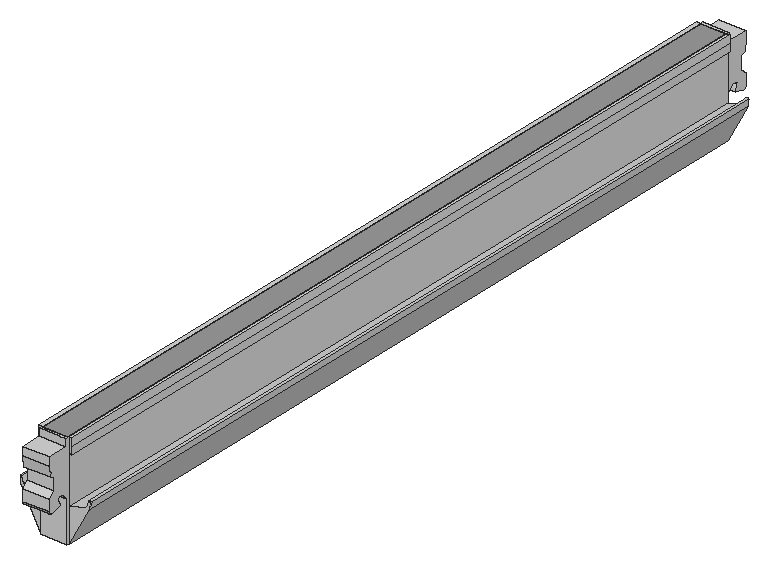
Revit family "CC4_BEAM CC W 1.5_1870105", category Generic Models, Revit 2018
Family settings
  Can host rebar = No
  Round Connector Dimension = Use Diameter
  Part Type = Normal
  OmniClass Number = 35.51.14.00
  OmniClass Title = FORMWORK
  Work Plane-Based = Yes
  Always vertical = No
  Cut with Voids When Loaded = No
  Shared = Yes
  Room Calculation Point = No
Parameters
  VERSION = "20190101"  # constant formula
  URL = "www.ulmaconstruction.com/en"
  UNICLASS = ""
  ITEM_CODE = "1870105"
  Manufacturer = "ULMA CONSTRUCTION"  # constant formula
  FILTER [instance] = ""
  Default Elevation = 0.000 mm
  CLASSIFICATION_TITLE = ""
  CLASSIFICATION_NUMBER = ""
Reference planes
  plane 1 "Centro (Frontal/Posterior)": y = 0
  plane 2: z = 0
  plane 3 "Centro (Izquierda/Derecha)": x = 0
  plane 4 "ITEM_LENGTH": y = 1500
Forms (mm)
  Extrusion 1, solid, material "ULMA ZINC", detail levels fine
    sketch origin (0, 0, 0) x (1, 0, 0) y (0, 0, 1)
      loop
        line (-21, -21) -> (-26.845, -21) -> (-27.5, -33.498) -> (-27.282, -45.996) -> (-24.5, -45.996) -> (-24.5, -122.603) -> (-52.5, -115.1) -> (-55.064, -105.531)
        arc (-55.064, -105.531) -> (-56.805, -104.448) -> (-58, -106.115) r 1.5
        line (-58, -106.115) -> (-56.512, -117.419) -> (-24, -179.5) -> (24, -179.5) -> (56.512, -117.419) -> (58, -106.115)
        arc (58, -106.115) -> (56.805, -104.448) -> (55.064, -105.531) r 1.5
        line (55.064, -105.531) -> (52.5, -115.1) -> (24.5, -122.603) -> (24.5, -45.996) -> (27.282, -45.996) -> (27.5, -33.498) -> (26.845, -21) -> (21, -21) -> (21, -72) -> (-21, -72) -> (-21, -21)
    from -1430 to -70
  Extrusion 2, solid, material "ULMA POLYPROPYLENE BLACK", detail levels medium+fine
    sketch origin (0, 0, 0) x (1, 0, 0) y (0, 0, 1)
      loop
        line (-21, -21) -> (-21, -72) -> (21, -72) -> (21, -21) -> (-21, -21)
    from -1430 to -70
  Extrusion 3, solid, material "ULMA ZINC", detail levels fine
    sketch origin (0, 0, 0) x (0, 1, 0) y (0, 0, 1)
      loop
        line (70, -21.55) -> (65, -21.55) -> (65, -33.55) -> (30.241, -33.55) -> (30, -47.35) -> (33, -64.35) -> (40, -66.85) -> (40, -87.55) -> (30.844, -96.706) -> (30.844, -115.701)
        arc (30.844, -115.701) -> (32.409, -118.875) -> (35.88, -119.565) r 4
        line (35.88, -119.565) -> (51.009, -115.511)
        arc (51.009, -115.511) -> (50.156, -110.233) -> (47.791, -105.438) r 18.004
        arc (47.791, -105.438) -> (47.629, -102.853) -> (49.844, -101.511) r 2.5
        line (49.844, -101.511) -> (58.24, -101.511) -> (67, -111.951) -> (67, -179.45) -> (70, -179.45) -> (70, -21.55)
    from -22 to 22
  Extrusion 4, solid, material "ULMA ZINC", detail levels fine
    sketch origin (0, 0, 0) x (0, 1, 0) y (0, 0, 1)
      loop
        line (1430, -21.55) -> (1430, -179.45) -> (1433, -179.45) -> (1433, -111.951) -> (1441.76, -101.511) -> (1450.156, -101.511)
        arc (1450.156, -101.511) -> (1452.371, -102.853) -> (1452.209, -105.438) r 2.5
        arc (1452.209, -105.438) -> (1449.844, -110.233) -> (1448.991, -115.511) r 18.004
        line (1448.991, -115.511) -> (1464.12, -119.565)
        arc (1464.12, -119.565) -> (1467.591, -118.875) -> (1469.156, -115.701) r 4
        line (1469.156, -115.701) -> (1469.156, -96.706) -> (1460, -87.55) -> (1460, -66.85) -> (1467, -64.35) -> (1470, -47.35) -> (1469.759, -33.55) -> (1435, -33.55) -> (1435, -21.55) -> (1430, -21.55)
    from -22 to 22
  Extrusion 5, solid, material "ULMA ZINC", detail levels medium
    sketch origin (0, 0, 0) x (1, 0, 0) y (0, 0, 1)
      loop
        line (-21, -21) -> (-58, -21) -> (-58, -179.5) -> (58, -179.5) -> (58, -21) -> (21, -21) -> (21, -72) -> (-21, -72) -> (-21, -21)
    from -1430 to -70
  Extrusion 6, solid, material "ULMA ZINC", detail levels medium
    sketch origin (0, 0, 0) x (0, 1, 0) y (0, 0, 1)
      loop
        line (70, -33.55) -> (35, -33.55) -> (35, -118.55) -> (70, -118.55) -> (70, -33.55)
    from -22 to 22
  Extrusion 7, solid, material "ULMA ZINC", detail levels medium
    sketch origin (0, 0, 0) x (0, 1, 0) y (0, 0, 1)
      loop
        line (1430, -33.55) -> (1430, -118.55) -> (1465, -118.55) -> (1465, -33.55) -> (1430, -33.55)
    from -22 to 22
Lines and regions (mm)
  model lines, style "ULMA BEAM CC W", detail levels coarse
    curve 1: line (0, 1410, 0) -> (0, 90, 0)
    curve 2: line (-58, 1200, 0) -> (-58, 300, 0)
    curve 3: line (58, 1200, 0) -> (58, 300, 0)
Dimensions and locks
  plane 1 "Centro (Frontal/Posterior)" to plane 4 "ITEM_LENGTH" = 1500.000 mm
  locked: plane 4 "ITEM_LENGTH" to plane 1 "Centro (Frontal/Posterior)" at 1500
  aligned and locked: level to plane 2
